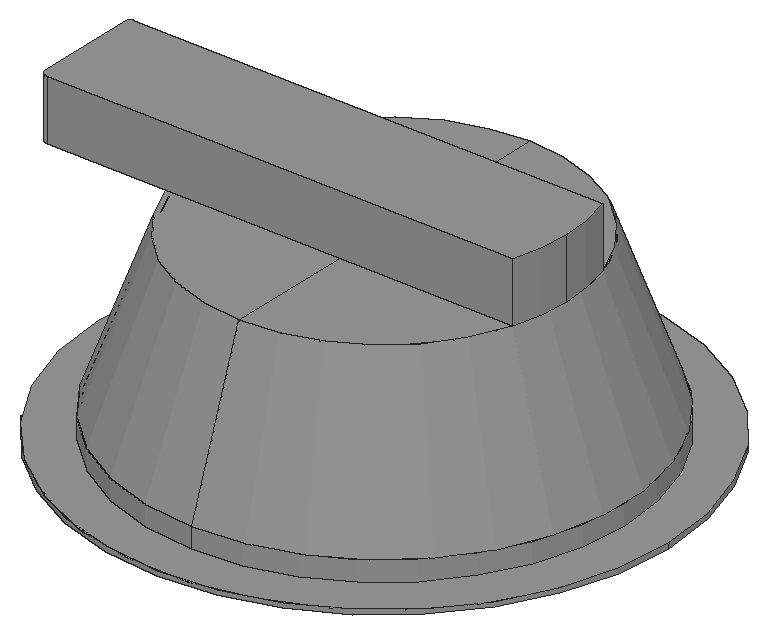
Revit family "63__LF_UN_Emilux_Arrondi_R17", category Lighting Fixtures, Revit 2017
Family settings
  Round Connector Dimension = Use Diameter
  Part Type = Normal
  Work Plane-Based = No
  Always vertical = Yes
  Cut with Voids When Loaded = No
  Light Source = Yes
  Shared = No
  Room Calculation Point = No
Parameters (values of type "LED 2650lm 6000K (25W)")
  Wattage Comments = "25W"
  URL = "https://www.emilux.nl/product/arrondi/"
  Model = "Arrondi+ Downlighter 25W"
  Material = "Polycarbonaat"
  Manufacturer = "Emilux"
  Lamp = "LED"
  Keynote = ""
  IfcExportType = "POINTSOURCE"
  IfcExportAs = "IfcLightFixtureType"
  IP = "IP 54"
  Height Total = 98 mm
  Top OD = 73 mm
  Length Coupling = 120 mm
  Wattage = 17.8401 W
  built-in parameter 1150110 = 1 (stored number, unit not read)
  built-in parameter 1114217 = 1 (stored number, unit not read)
  Tilt Angle = 90.00°
  built-in parameter 1150109 = 1 (stored number, unit not read)
  built-in parameter 1150134 = 12
  built-in parameter 1150113 = 1 (stored number, unit not read)
  Photometric Web File = "Arrondi 25W Alu 6000K.ies"
  built-in parameter 1150105 = 770.6 (stored number, unit not read)
  Lumens = 2650 lm
  built-in parameter 1150115 = 1 (stored number, unit not read)
  built-in parameter 1150137 = (empty or 0)
  built-in parameter 1150139 = (empty or 0)
  built-in parameter 1150112 = 1 (stored number, unit not read)
  built-in parameter 1150114 = 1 (stored number, unit not read)
  built-in parameter 1150132 = 2
  built-in parameter 1150102 = (empty or 0)
  built-in parameter 1150107 = 4000 (stored number, unit not read)
  built-in parameter 1150138 = (empty or 0)
  built-in parameter 1150106 = 7.706 (stored number, unit not read)
  Emergency Lighting = no
  built-in parameter 1150104 = 13.8 (stored number, unit not read)
  Dimming Lamp Color Temperature Shift = <None>
  Height Coupling = 24.001 mm
  Description = "Cutout Ø205mm"
  Dali = yes
  Comment = "Initial color needs to be filled in manually"  # constant formula
  Color Filter = 16777215
  built-in parameter 1140040 [instance] = 1
  Width Coupling = 45 mm
  Bottom Outside = 96.5 mm
  Ring OD = 228 mm
  Ring ID = 173 mm
  built-in parameter 1114218 = 1 (stored number, unit not read)
  built-in parameter 1150133 = 10 (stored number, unit not read)
  Assembly Code = "63.0"
  Apparent Load = 25 VA
Types (9, lengths in mm): name | Wattage Comments | Model | Height Total | Top OD | Length Coupling | Wattage | built-in parameter 1150134 | Photometric Web File | built-in parameter 1150105 | Lumens | built-in parameter 1150107 | built-in parameter 1150106 | Emergency Lighting | Height Coupling | Description | Width Coupling | Bottom Outside | Ring OD | Ring ID | Apparent Load
  LED 1090lm 3000K (13W) | "13W" | "Arrondi+ Downlighter 13W" | 82 | 48 | 75 | 7.33799 W | (empty or 0) | "Arrondi 13W Alu 300K.ies" | 86.739 (stored number, unit not read) | 1090 lm | 3000 (stored number, unit not read) | 0.86739 (stored number, unit not read) | no | 24 | "Cutout Ø130mm" | 34 | 61 | 145 | 121 | 13 VA
  LED 2280lm 3000K (18W) | "25W" | "Arrondi+ Downlighter 25W" | 98 | 73 | 120 | 15.3492 W | (empty or 0) | "Arrondi 25W Alu 3000K.ies" | 663.01 (stored number, unit not read) | 2280 lm | 3000 (stored number, unit not read) | 6.6301 (stored number, unit not read) | no | 24.001 | "Cutout Ø205mm" | 45 | 96.5 | 228 | 173 | 25 VA
  LED 1300lm 4000K (13W) | "13W" | "Arrondi+ Downlighter 13W" | 82 | 48 | 75 | 8.75174 W | 12 | "Arrondi 13W Alu 4000K.ies" | 103.45 (stored number, unit not read) | 1300 lm | 4000 (stored number, unit not read) | 1.0345 (stored number, unit not read) | no | 24 | "Cutout Ø130mm" | 34 | 61 | 145 | 121 | 13 VA
  LED 1300lm 6000K (13W) | "13W" | "Arrondi+ Downlighter 13W" | 82 | 48 | 75 | 8.75174 W | 5 | "Arrondi 13W Alu 6000K.ies" | 103.45 (stored number, unit not read) | 1300 lm | 6000 (stored number, unit not read) | 1.0345 (stored number, unit not read) | no | 24 | "Cutout Ø130mm" | 34 | 61 | 145 | 121 | 13 VA
  LED 1300lm 3000K (18W) | "18W" | "Arrondi+ Downlighter 13W" | 82 | 48 | 75 | 8.75174 W | (empty or 0) | "Arrondi 18W Alu 3000K.ies" | 103.45 (stored number, unit not read) | 1300 lm | 3000 (stored number, unit not read) | 1.0345 (stored number, unit not read) | no | 24 | "Cutout Ø130" | 34 | 61 | 145 | 121 | 18 VA
  LED 2280lm 3000K (25W) + NV | "25W" | "Arrondi+ Downlighter / NV 25W" | 98 | 73 | 120 | 15.3492 W | (empty or 0) | "Arrondi 25W Alu 3000K.ies" | 663.01 (stored number, unit not read) | 2280 lm | 3000 (stored number, unit not read) | 6.6301 (stored number, unit not read) | yes | 24.001 | "Cutout Ø205mm" | 45 | 96.5 | 228 | 173 | 25 VA
  LED 2650lm 4000K (25W) | "25W" | "Arrondi+ Downlighter 25W" | 98 | 73 | 120 | 17.8401 W | 12 | "Arrondi 25W Alu 4000K.ies" | 770.6 (stored number, unit not read) | 2650 lm | 4000 (stored number, unit not read) | 7.706 (stored number, unit not read) | no | 24.001 | "Cutout Ø205mm" | 45 | 96.5 | 228 | 173 | 25 VA
  LED 2650lm 4000K (25W) + NV | "25W" | "Arrondi+ Downlighter / NV 25W" | 98 | 73 | 120 | 17.8401 W | 12 | "Arrondi 25W Alu 4000K + NV.ies" | 770.6 (stored number, unit not read) | 2650 lm | 4000 (stored number, unit not read) | 7.706 (stored number, unit not read) | yes | 24.001 | "Cutout Ø205mm" | 45 | 96.5 | 228 | 173 | 25 VA
  LED 2650lm 6000K (25W) | "25W" | "Arrondi+ Downlighter 25W" | 98 | 73 | 120 | 17.8401 W | 12 | "Arrondi 25W Alu 6000K.ies" | 770.6 (stored number, unit not read) | 2650 lm | 4000 (stored number, unit not read) | 7.706 (stored number, unit not read) | no | 24.001 | "Cutout Ø205mm" | 45 | 96.5 | 228 | 173 | 25 VA
Reference planes
  plane 1 "Center (Front/Back)": y = 0
  plane 2: z = 0
  plane 3 "Center (Left/Right)": x = 0
  plane 4: y = 96.5
  plane 5: y = -120
  plane 6: z = 96
  plane 7: z = 58
  plane 8: y = 96.5
  plane 9: z = -2
Forms (mm)
  Extrusion 1, solid, material "Plastic, Opaque White"
    sketch origin (0, 0, 0) x (1, 0, 0) y (0, 1, 0)
      loop
        circle (0, 0) r 86.5
      loop
        circle (0, 0) r 114
    from 0 to -2
  Revolve 2, solid, material "Plastic, Opaque White"
    sketch origin (0, 0, 0) x (0, 1, 0) y (0, 0, 1)
      loop
        line (0, 69.898) -> (71.913, 69.898) -> (95, 8) -> (96.5, 8) -> (73, 71.999) -> (0, 71.999) -> (0, 69.898)
      axis (0, 71.999) -> (0, 8)
    angle from 0 to 360
  Extrusion 3, solid
    sketch origin (0, 0, 0) x (1, 0, 0) y (0, 1, 0)
      loop
        circle (0, 0) r 86.5
    from 0 to -2
  Revolve 4, solid, material "Plastic, Opaque White"
    sketch origin (0, 0, 0) x (0, 1, 0) y (0, 0, 1)
      loop
        line (96.5, 8) -> (95, 8) -> (95, 0) -> (96.5, 0) -> (96.5, 8)
      axis (0, 8) -> (0, 0)
    angle from 0 to 360
  Extrusion 5, solid, material "Plastic, Opaque White"
    sketch origin (0, 0, 72) x (0, 1, 0) y (-1, 0, 0)
      loop
        line (-22.5, 116.894) -> (-22.5, -69.446)
        arc (-22.5, -69.446) -> (-11.389, -72.106) -> (0, -73) r 73
        arc (0, -73) -> (11.389, -72.106) -> (22.5, -69.446) r 73
        line (22.5, -69.446) -> (22.5, 118.189)
        arc (22.5, 118.189) -> (21.97, 119.47) -> (20.689, 120) r 1.811
        line (20.689, 120) -> (-19.394, 120)
        arc (-19.394, 120) -> (-21.59, 119.09) -> (-22.5, 116.894) r 3.106
    from 24 to -0.001
  Extrusion 6, void
    sketch origin (0, 0, 0) x (0, 1, 0) y (0, 0, 1)
      loop
        line (11.106, 91) -> (-11.106, 91) -> (-11.106, 77) -> (11.106, 77) -> (11.106, 91)
    from 0 to -120
Cuts and joins
  Extrusion 6 cuts Extrusion 5
Dimensions and locks
  "Bottom Outside": plane 4 to plane 1 "Center (Front/Back)"
  "Length Coupling": plane 5 to plane 1 "Center (Front/Back)"
  Revolve 2 sketch curve to Revolve 2 sketch curve = 2.101 mm
  Revolve 2 sketch curve to Revolve 2 sketch curve = 1.5 mm
  "Top OD": Revolve 2 sketch curve to plane 1 "Center (Front/Back)"
  Revolve 4 sketch curve to Revolve 4 sketch curve = 1.5 mm
  "Bottom Outside": plane 8 to plane 1 "Center (Front/Back)"
  Revolve 2 sketch curve to Revolve 2 sketch curve = 2.366 mm
  locked: plane 9 to level at 2
  "Height Total": plane 9 to plane 6
  "Top OD": imposter light to Extrusion 5 sketch curve
  "Height Coupling": Extrusion 5 to Extrusion 5
  "Length Coupling": Extrusion 5 to plane 3 "Center (Left/Right)"
  equal spacing: Extrusion 5 sketch curve, imposter light, Extrusion 5 sketch curve
  "Width Coupling": Extrusion 5 sketch curve to Extrusion 5 sketch curve
  Revolve 2 to Revolve 2 = 2.101 mm
  Extrusion 6 sketch curve to Extrusion 6 sketch curve = 14 mm
  equal spacing: Extrusion 6 sketch curve, plane 1 "Center (Front/Back)", Extrusion 6 sketch curve
  "Ring OD": diameter of Extrusion 1 sketch curve
  "Ring ID": diameter of Extrusion 1 sketch curve
  "Ring ID": diameter of Extrusion 3 sketch curve
  aligned and locked: level to plane 2
  aligned and locked: Extrusion 1 to Extrusion 3
  aligned and locked: plane 9 to Extrusion 1
  aligned and locked: plane 9 to Extrusion 3
  aligned and locked: Extrusion 5 to plane 6
  aligned and locked: Revolve 2 to Extrusion 5
  aligned and locked: Extrusion 5 to Extrusion 6
Automatic sketch dimensions
  plane 1 "Center (Front/Back)" to Extrusion 6 sketch curve = 11.106 mm
  plane 6 to Extrusion 6 sketch curve = 19 mm
  Extrusion 1 sketch curve to Extrusion 1 sketch curve = 0 mm  (x2)
  plane 1 "Center (Front/Back)" to Extrusion 1 sketch curve = 0 mm
  Extrusion 1 sketch curve to plane 3 "Center (Left/Right)" = 0 mm
  Revolve 2 sketch curve to plane 1 "Center (Front/Back)" = 0 mm  (x2)
  Revolve 2 sketch curve to plane 4 = 0 mm
  level to Revolve 2 sketch curve = 8 mm
  Revolve 2 sketch curve to plane 7 = 11.898 mm
  plane 9 to Revolve 2 sketch curve = 518.992 mm
  Revolve 2 sketch curve to plane 6 = 2171.474 mm
  plane 1 "Center (Front/Back)" to Extrusion 3 sketch curve = 0 mm
  Extrusion 3 sketch curve to plane 3 "Center (Left/Right)" = 0 mm
  Revolve 4 sketch curve to plane 1 "Center (Front/Back)" = 0 mm
  Revolve 4 sketch curve to level = 0 mm
  Revolve 4 sketch curve to plane 8 = 0 mm
  level to Revolve 4 sketch curve = 8 mm
  plane 9 to Revolve 4 sketch curve = 518.992 mm
  Revolve 4 sketch curve to plane 6 = 2255.474 mm
  Extrusion 5 sketch curve to Extrusion 5 sketch curve = 0 mm
  plane 1 "Center (Front/Back)" to Extrusion 5 sketch curve = 0 mm
  Extrusion 5 sketch curve to plane 3 "Center (Left/Right)" = 0 mm
  Extrusion 5 sketch curve to Extrusion 5 sketch curve = 3.106 mm
  Extrusion 5 sketch curve to Extrusion 5 sketch curve = 1.811 mm
  Extrusion 5 sketch curve to plane 3 "Center (Left/Right)" = 116.894 mm
Nested families
  nested 1: "Light_Symbol_Emilux_Arrondi" at (0, 0, 0), type "Arrondi"
Connectors
  electrical at (-120, 0.648, 84)
    settings: on cut or joined group of Extrusion 5, Extrusion 6, index 1, voltage 0 V, apparent load 0 VA, apparent load phase1 0 VA, apparent load phase2 0 VA, apparent load phase3 0 VA, power factor 1, load classification "Other", number of poles 1, system type 31, power factor state 1, is connector primary yes, connector utility no, sub classification motor no, connector description ""
Definition of nested family "Light_Symbol_Emilux_Arrondi"
  Parameters (values of type "Arrondi + NV")
    Waterproof = no
    Lighting Fixture = yes
    Emergency Lighting = yes
  Types (3, lengths in mm): name | Emergency Lighting
    (no name) | yes
    Arrondi | no
    Arrondi + NV | yes
  Reference planes
    plane 1: y = 0
    plane 2: x = 0
  Lines and regions (mm)
    Filled region 1, type "Emergency Lighting", visible <- "Emergency Lighting"
      outline origin (5.15, 1.04, 0) x (1, 0, 0) y (0, 1, 0)
        loop
          line (-5.15, -1.04) -> (-5.886, -0.305)
          arc (-5.886, -0.305) -> (-6.19, -1.04) -> (-5.886, -1.776) r 1.04
          line (-5.886, -1.776) -> (-5.15, -1.04)
    Filled region 2, type "Emergency Lighting", visible <- "Emergency Lighting"
      outline origin (5.15, 1.04, 0) x (0, 1, 0) y (-1, 0, 0)
        loop
          line (-1.04, 5.15) -> (-1.776, 4.414)
          arc (-1.776, 4.414) -> (-1.04, 4.11) -> (-0.305, 4.414) r 1.04
          line (-0.305, 4.414) -> (-1.04, 5.15)
    Filled region 3, type "Emergency Lighting", visible <- "Waterproof"
      outline origin (5.15, 1.04, 0) x (1, 0, 0) y (0, 1, 0)
        loop
          arc (-6.146, -1.34) -> (-5.15, -2.081) -> (-4.154, -1.34) r 1.04
          line (-4.154, -1.34) -> (-6.146, -1.34)
    detail lines, visible <- "Lighting Fixture"
      curve 1: circle (0, 0, 0) r 1.04 normal (0, 0, 1)
    detail lines, not visible
      curve 2: line (-0.996, 0.3, 0) -> (0.996, 0.3, 0)
      curve 3: line (0.996, -0.3, 0) -> (-0.996, -0.3, 0)
    detail lines, visible <- "Waterproof"
      curve 4: circle (0, 0, 0) r 1.04 normal (0, 0, 1)
    detail lines, visible <- "Emergency Lighting"
      curve 5: circle (0, 0, 0) r 1.04 normal (0, 0, 1)
